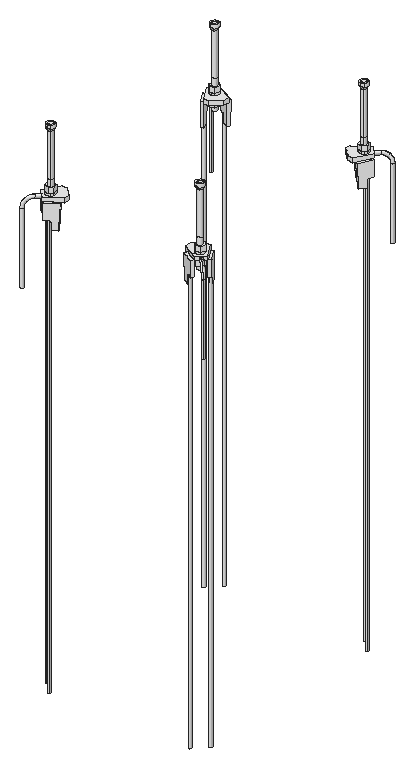
Revit family "26c217acbae845a9b64d7f985ed27546", category Structural Connections, host Face, Revit 2021
Family settings
  Host = Face
  Material for Model Behavior = Other
  Enable cutting in views = No
  Cut with Voids When Loaded = Yes
  Shared = No
Parameters (values of type "HCC 16-640H")
  l = 0' - 11.81102"
  h [instance] = 2' - 3.55906"
  f = 0' - 4.13386"
  b [instance] = 1' - 7.68504"
  a = 0' - 1.9685"
  X = 0' - 1.1811"
  Type Comments = "Mountingpart"
  T = 0' - 0.59055"
  Phi = 0' - 1.06299"
  L [instance] = 4' - 11.05512"
  K = 0' - 4.40945"
  E = 0' - 1.9685"
  Default Elevation = 0' - 0"
  D = 0' - 5.35433"
  Column Shoe Type = Column Shoe and Anchor Bolt : HCC 16-640H
  Column Shoe Material [instance] = Metal - Steel - S235
  C = 0' - 3.46457"
Types (10): name | l | h | f | b | T | Phi | K | E | D | Column Shoe Type | C
  HCC 16-640H | 0' - 11.81102" | 2' - 3.55906" | 0' - 4.13386" | 1' - 7.68504" | 0' - 0.59055" | 0' - 1.06299" | 0' - 4.40945" | 0' - 1.9685" | 0' - 5.35433" | Column Shoe and Anchor Bolt : HCC 16-640H | 0' - 3.46457"
  HCC 16-640S | 0' - 11.81102" | 2' - 7.49606" | 0' - 4.13386" | 1' - 3.74803" | 0' - 0.59055" | 0' - 1.06299" | 0' - 4.40945" | 0' - 1.9685" | 0' - 5.35433" | Column Shoe and Anchor Bolt : HCC 16-640S | 0' - 3.46457"
  HCC 20-830H | 1' - 5.71654" | 2' - 7.49606" | 0' - 4.52756" | 1' - 3.74803" | 0' - 0.7874" | 0' - 1.1811" | 0' - 4.6063" | 0' - 1.9685" | 0' - 5.55118" | Column Shoe and Anchor Bolt : HCC 20-830H | 0' - 3.74016"
  HCC 20-830S | 1' - 5.71654" | 2' - 7.49606" | 0' - 4.52756" | 1' - 3.74803" | 0' - 0.7874" | 0' - 1.1811" | 0' - 4.6063" | 0' - 1.9685" | 0' - 5.55118" | Column Shoe and Anchor Bolt : HCC 20-830S | 0' - 3.74016"
  HCC 24-905H | 1' - 9.65354" | 2' - 7.49606" | 0' - 5.11811" | 1' - 3.74803" | 0' - 0.98425" | 0' - 1.37795" | 0' - 4.84252" | 0' - 1.9685" | 0' - 5.90551" | Column Shoe and Anchor Bolt : HCC 24-905H | 0' - 4.17323"
  HCC 24-905S | 1' - 9.65354" | 2' - 7.49606" | 0' - 5.11811" | 1' - 3.74803" | 0' - 0.98425" | 0' - 1.37795" | 0' - 4.84252" | 0' - 0.7874" | 0' - 5.90551" | Column Shoe and Anchor Bolt : HCC 24-905S | 0' - 4.17323"
  HCC 30-1100H | 2' - 7.49606" | 4' - 11.05512" | 0' - 5.90551" | 2' - 7.49606" | 0' - 1.37795" | 0' - 1.5748" | 0' - 5.90551" | 0' - 1.9685" | 0' - 11.33858" | Column Shoe and Anchor Bolt : HCC 30-1100H | 0' - 4.68504"
  HCC 30-1100S | 2' - 7.49606" | 4' - 11.05512" | 0' - 5.90551" | 3' - 3.37008" | 0' - 1.37795" | 0' - 1.5748" | 0' - 5.90551" | 0' - 1.9685" | 0' - 11.33858" | Column Shoe and Anchor Bolt : HCC 30-1100S | 0' - 4.68504"
  HCC M30-1200H | 3' - 5.33858" | 2' - 7.49606" | 0' - 6.49606" | 1' - 3.74803" | 0' - 1.77165" | 0' - 1.77165" | 0' - 6.81102" | 0' - 1.9685" | 0' - 8.66142" | Column Shoe and Anchor Bolt : HCC M30-1200H | 0' - 5.27559"
  HCC M30-1200S | 3' - 5.33858" | 4' - 11.05512" | 0' - 6.49606" | 3' - 3.37008" | 0' - 1.77165" | 0' - 1.77165" | 0' - 6.81102" | 0' - 1.9685" | 0' - 8.66142" | Column Shoe and Anchor Bolt : HCC M30-1200S | 0' - 5.27559"
Reference planes (in)
  plane 1 "Center (Front/Back)": y = 0
  plane 2: z = 0
  plane 3 "Center (Left/Right)": x = 0
  plane 4: y = 13.77953
  plane 5: y = -13.77953
  plane 6: x = -9.84252
  plane 7: x = 9.84252
  plane 8: y = 12.59843
  plane 9: y = -12.59843
  plane 10: x = -8.66142
  plane 11: x = 8.66142
  plane 12: y = 5.90551
  plane 13: y = -5.90551
Lines and regions (in)
  reference lines
    curve 1: line (-9.84252, -5.90551, 0) -> (9.84252, 13.77953, 0)
    curve 2: line (9.84252, 5.90551, 0) -> (-9.84252, -13.77953, 0)
    curve 3: line (9.84252, -13.77953, 0) -> (-9.84252, 5.90551, 0)
    curve 4: line (-9.84252, 13.77953, 0) -> (9.84252, -5.90551, 0)
    curve 5: line (-9.84252, 12.59843, 0) -> (-8.66142, 13.77953, 0)
    curve 6: line (8.66142, 13.77953, 0) -> (9.84252, 12.59843, 0)
    curve 7: line (-9.84252, -12.59843, 0) -> (-8.66142, -13.77953, 0)
    curve 8: line (8.66142, -13.77953, 0) -> (9.84252, -12.59843, 0)
Dimensions and locks (in)
  equal spacing: plane 4, plane 1 "Center (Front/Back)", plane 5
  equal spacing: plane 6, plane 3 "Center (Left/Right)", plane 7
  "b": plane 6 to plane 7
  "h": plane 4 to plane 5
  "b": plane 12 to plane 5
  "b": plane 4 to plane 13
  "X": plane 4 to plane 8
  "X": plane 5 to plane 9
  "X": plane 6 to plane 10
  "X": plane 11 to plane 7
  aligned and locked: plane 2 to host face
  aligned and locked: level to host face
  aligned and locked: plane 4 to curve 4
  aligned and locked: plane 6 to curve 4
  aligned and locked: plane 12 to curve 3
  aligned and locked: plane 6 to curve 3
  aligned and locked: plane 13 to curve 1
  aligned and locked: plane 6 to curve 1
  aligned and locked: plane 5 to curve 2
  aligned and locked: plane 6 to curve 2
  aligned and locked: plane 4 to curve 1
  aligned and locked: plane 7 to curve 1
  aligned and locked: plane 12 to curve 2
  aligned and locked: plane 7 to curve 2
  aligned and locked: plane 13 to curve 4
  aligned and locked: plane 7 to curve 4
  aligned and locked: plane 5 to curve 3
  aligned and locked: plane 7 to curve 3
  aligned and locked: plane 8 to curve 5
  aligned and locked: plane 6 to curve 5
  aligned and locked: plane 10 to curve 5
  aligned and locked: plane 4 to curve 5
  aligned and locked: plane 4 to curve 6
  aligned and locked: plane 11 to curve 6
  aligned and locked: plane 8 to curve 6
  aligned and locked: plane 7 to curve 6
  aligned and locked: plane 9 to curve 7
  aligned and locked: plane 6 to curve 7
  aligned and locked: plane 5 to curve 7
  aligned and locked: plane 10 to curve 7
  aligned and locked: plane 5 to curve 8
  aligned and locked: plane 11 to curve 8
  aligned and locked: plane 9 to curve 8
  aligned and locked: plane 7 to curve 8
  aligned and locked: nested 1 to curve 4
  aligned and locked: nested 1 to curve 5
  aligned and locked: curve 1 to nested 5
  aligned and locked: nested 5 to curve 6
  aligned and locked: curve 2 to nested 3
  aligned and locked: nested 3 to curve 7
  aligned and locked: nested 7 to curve 3
  aligned and locked: nested 7 to curve 8
Automatic sketch dimensions
  host sketch curve to host sketch curve = 8' - 0"  (x2)
Nested families (in)
  nested 1: "Column Shoe and Anchor Bolt" at (-12.89886, 16.83587, 0) x (0.7071, 0.7071, 0) z (0, 0, -1), type <- "Column Shoe Type", Column Shoe Material <- "Column Shoe Material", L <- "L", type "HCC 16-640H"
    with L 4' - 11.05512", Column Shoe Material Metal - Steel - S235
  nested 2: "HAB" at (-10.62992, 14.56693, -0.59055) x (0.7071, 0.7071, 0) z (0, 0, -1), type "HAB H16"
    with Anchor Bolt Material Metal - Steel - S235, l2 0' - 6.88976", l 0' - 11.02362", f1 0' - 1.5748", f 0' - 4.13386", r3 0' - 0.31496", r1 0' - 0.31496", d3 0' - 0.62992", d1 0' - 0.62992", Washers Radius 0' - 0.6378", T 0' - 0.59055", Phi 0' - 1.06299", Nut Width 0' - 1.10469", Cap Radius 0' - 0.56693"
  nested 3: "Column Shoe and Anchor Bolt" at (-12.89886, -16.83587, 0) x (-0.7071, 0.7071, 0) z (0, 0, -1), type <- "Column Shoe Type", Column Shoe Material <- "Column Shoe Material", L <- "L", type "HCC 16-640H"
    with L 4' - 11.05512", Column Shoe Material Metal - Steel - S235
  nested 4: "HAB" at (-10.62992, -14.56693, -0.59055) x (-0.7071, 0.7071, 0) z (0, 0, -1), type "HAB H16"
    with Anchor Bolt Material Metal - Steel - S235, l2 0' - 6.88976", l 0' - 11.02362", f1 0' - 1.5748", f 0' - 4.13386", r3 0' - 0.31496", r1 0' - 0.31496", d3 0' - 0.62992", d1 0' - 0.62992", Washers Radius 0' - 0.6378", T 0' - 0.59055", Phi 0' - 1.06299", Nut Width 0' - 1.10469", Cap Radius 0' - 0.56693"
  nested 5: "Column Shoe and Anchor Bolt" at (12.89886, 16.83587, 0) x (0.7071, -0.7071, 0) z (0, 0, -1), type <- "Column Shoe Type", Column Shoe Material <- "Column Shoe Material", L <- "L", type "HCC 16-640H"
    with L 4' - 11.05512", Column Shoe Material Metal - Steel - S235
  nested 6: "HAB" at (10.62992, 14.56693, -0.59055) x (0.7071, -0.7071, 0) z (0, 0, -1), type "HAB H16"
    with Anchor Bolt Material Metal - Steel - S235, l2 0' - 6.88976", l 0' - 11.02362", f1 0' - 1.5748", f 0' - 4.13386", r3 0' - 0.31496", r1 0' - 0.31496", d3 0' - 0.62992", d1 0' - 0.62992", Washers Radius 0' - 0.6378", T 0' - 0.59055", Phi 0' - 1.06299", Nut Width 0' - 1.10469", Cap Radius 0' - 0.56693"
  nested 7: "Column Shoe and Anchor Bolt" at (12.89886, -16.83587, 0) x (-0.7071, -0.7071, 0) z (0, 0, -1), type <- "Column Shoe Type", Column Shoe Material <- "Column Shoe Material", L <- "L", type "HCC 16-640H"
    with L 4' - 11.05512", Column Shoe Material Metal - Steel - S235
  nested 8: "HAB" at (10.62992, -14.56693, -0.59055) x (-0.7071, -0.7071, 0) z (0, 0, -1), type "HAB H16"
    with Anchor Bolt Material Metal - Steel - S235, l2 0' - 6.88976", l 0' - 11.02362", f1 0' - 1.5748", f 0' - 4.13386", r3 0' - 0.31496", r1 0' - 0.31496", d3 0' - 0.62992", d1 0' - 0.62992", Washers Radius 0' - 0.6378", T 0' - 0.59055", Phi 0' - 1.06299", Nut Width 0' - 1.10469", Cap Radius 0' - 0.56693"
Definition of nested family "Column Shoe and Anchor Bolt"
  Parameters
    Type Comments = "Mountingpart"
    Phi = 0' - 1.06299"
    Semi Phi = 0.5 * Phi  # 0' - 0.5315"
    y2 = C * sin(45.00°)  # 0' - 2.44982"
    y1 = (E - X) * sin(45.00°)  # 0' - 0.55678"
    x3 = E * (2 * sin(45.00°) - C / d)  # 0' - 1.46153"
    x2 = 2 * E * sin(45.00°)  # 0' - 2.78388"
    x1 = 2 * X * sin(45.00°)  # 0' - 1.67033"
    t1 = 0' - 0.3937"
    f = 0' - 4.13386"
    a = 0' - 1.9685"
    X = 0' - 1.1811"
    l = 0' - 11.81102"
    k1 = d * sin(45.00°) + 0.5 * X  # 0' - 4.23744"
    d = D - R1  # 0' - 5.15748"
    T = 0' - 0.59055"
    O3 = 0' - 0.59055"
    O4 = 0' - 0.7874"
    O2 = 0' - 0.19685"
    O1 = 0' - 0.3937"
    L [instance] = 4' - 11.05512"
    Real K = R1 + k1  # 0' - 4.43429"
    e1 = (2 * E - X) * sin(45.00°)  # 0' - 1.94872"
    K = 0' - 4.40945"
    E = 0' - 1.9685"
    Default Elevation = 0' - 0"
    Semi dbr = 7 * R2  # 0' - 1.37795"
    D = 0' - 5.35433"
    Column Shoe Material [instance] = none
    C = 0' - 3.46457"
    R2 = 0' - 0.19685"
    R1 = 0' - 0.19685"
    Bolt Type = HAB : HAB H16
    B2 = B - 0' 1.1811"  # 0' - 2.16535"
    B = 0' - 3.34646"
  Reference planes (in)
    plane 1 "Center (Front/Back)": y = 0
    plane 2: z = 0
    plane 3 "Center (Left/Right)": x = 0
    plane 4: z = 0.59055
    plane 5: z = 0.29528
    plane 6: z = 11.81102
    plane 7: z = 3.93701
    plane 8: z = 2.75591
    plane 9: y = 5.15748
    plane 10: x = -1.39194
    plane 11: x = 1.39194
    plane 12: y = 4.6007
    plane 13: y = 2.15088
    plane 14: x = -0.83517
    plane 15: x = 0.83517
    plane 16: x = -0.73077
    plane 17: x = 0.73077
    plane 18: y = 3.20876
    plane 19: y = 2.93829
    plane 20: z = 62.99213
  Forms (in)
    Extrusion 1, solid
      sketch origin (0, 0, 0) x (1, 0, 0) y (0, 1, 0)
        loop
          line (-48, 48) -> (-48, -48) -> (48, -48) -> (48, 48) -> (-48, 48)
      from 0 to -12
    Sweep 2, solid, material <- "Column Shoe Material"
      path in 3D
        loop
          line (0, 0, 11.81102) -> (0, 0, 1.67323)
          arc (0, 0, 1.67323) -> (0, 0.40359, 0.69887) -> (0, 1.37795, 0.29528) r 1.37795
          line (0, 1.37795, 0.29528) -> (0, 2.81506, 0.29528)
      profile origin (0, 0.40359, 0.69887) x (0, 0.707107, 0.707107) y (1, 0, 0)
        loop
          circle (0, 0) r 0.19685
    Extrusion 3, void
      sketch origin (-0.03635, 4.65317, 0) x (1, 0, 0) y (0, 1, 0)
        loop
          circle (0.03635, -1.44441) r 0.5315
      from 0 to 3.93701
    Blend 4, solid, material <- "Column Shoe Material"
      base sketch origin (-0.18342, 0.17505, 0) x (-1, 0, 0) y (0, -1, 0)
        loop
          line (-1.47277, -4.04555) -> (-0.96547, -2.16589) -> (-1.34557, -2.0633) -> (-1.85287, -3.94297) -> (-1.47277, -4.04555)
      top sketch origin (-0.18342, 0.17505, 0) x (-1, 0, 0) y (0, -1, 0)
        loop
          line (-1.42148, -3.8555) -> (-0.96547, -2.16589) -> (-1.34557, -2.0633) -> (-1.80158, -3.75292) -> (-1.42148, -3.8555)
      from 0.59055 to 3.93701
    Extrusion 5, solid, material <- "Column Shoe Material"
      sketch origin (1.96539, -0.28862, 0) x (1, 0, 0) y (0, 1, 0)
        loop
          circle (-3.11256, 3.22691) r 0.19685
        loop
          circle (-0.81822, 3.22691) r 0.19685
      from 2.75591 to 62.99213
    Extrusion 6, void
      sketch origin (0, -1.92772, 0) x (0, -1, 0) y (0, 0, 1)
        loop
          line (-4.07861, 3.93701) -> (-4.86601, 3.93701) -> (-4.86601, 2.75591) -> (-4.07861, 2.75591) -> (-4.07861, 3.93701)
      from -1.39194 to 1.39194
    Extrusion 7, solid, material <- "Column Shoe Material"
      sketch origin (0, 0, 0) x (1, 0, 0) y (0, 1, 0)
        loop
          line (0.83517, 5.15748) -> (-0.83517, 5.15748) -> (-1.39194, 4.6007) -> (-0.73077, 2.15088) -> (0.73077, 2.15088) -> (1.39194, 4.6007) -> (0.83517, 5.15748)
        loop
          circle (0, 3.20876) r 0.5315
      from 0 to 0.59055
    Blend 8, solid, material <- "Column Shoe Material"
      base sketch origin (0.18342, 0.17505, 0) x (1, 0, 0) y (0, 1, 0)
        loop
          line (-1.47277, 4.04555) -> (-1.85287, 3.94297) -> (-1.34557, 2.0633) -> (-0.96547, 2.16589) -> (-1.47277, 4.04555)
      top sketch origin (0.18342, 0.17505, 0) x (1, 0, 0) y (0, 1, 0)
        loop
          line (-1.42148, 3.8555) -> (-1.80158, 3.75292) -> (-1.34557, 2.0633) -> (-0.96547, 2.16589) -> (-1.42148, 3.8555)
      from 0.59055 to 3.93701
  Cuts and joins
    Extrusion 3, Extrusion 6 cuts Sweep 2
    joined: Sweep 2, Extrusion 7
    Extrusion 6 cuts Blend 4
    Extrusion 6 cuts Blend 8
  Lines and regions (in)
    reference lines
      curve 1: line (0, 3.24836, 0.29528) -> (0, 1.37795, 0.29528)
      curve 2: line (0, 0, 1.67323) -> (0, 0, 11.81102)
      curve 3: arc (0, 0, 1.67323) -> (0, 0.40359, 0.69887) -> (0, 1.37795, 0.29528) r 1.37795
      curve 7: line (0.73077, 2.15088, 0) -> (1.39194, 4.6007, 0)
      curve 8: line (-0.73077, 2.15088, 0) -> (-1.39194, 4.6007, 0)
    sketch lines
      curve 4: arc (0, 0, 1.67323) -> (0, 0.40359, 0.69887) -> (0, 1.37795, 0.29528) r 1.37795
      curve 5: line (0, 2.81506, 0.29528) -> (0, 1.37795, 0.29528)
      curve 6: line (0, 0, 1.67323) -> (0, 0, 11.81102)
  Dimensions and locks (in)
    "T": plane 4 to level
    "l": plane 6 to plane 2
    equal spacing: plane 4, plane 5, plane 2
    "B": plane 7 to plane 4
    "B2": plane 4 to plane 8
    equal spacing: plane 16, plane 3 "Center (Left/Right)", plane 17
    equal spacing: plane 14, plane 3 "Center (Left/Right)", plane 15
    equal spacing: plane 10, plane 3 "Center (Left/Right)", plane 11
    "x2": plane 10 to plane 11
    "x1": plane 14 to plane 15
    "x3": plane 16 to plane 17
    "y1": plane 9 to plane 12
    "y2": plane 12 to plane 13
    "d": plane 9 to plane 1 "Center (Front/Back)"
    "e1": plane 9 to plane 18
    "t1": Blend 4 sketch curve to Blend 4 sketch curve  (x2)
    "O2": Extrusion 7 to Blend 4 sketch curve
    "O1": Blend 4 sketch curve to curve 7
    "O2": curve 7 to Blend 4 sketch curve
    "O4": plane 13 to plane 19
    equal spacing: cut or joined group of Blend 4, Extrusion 6, Extrusion 5 sketch curve, Extrusion 7
    "O3": Blend 4 sketch curve to curve 7
    "t1": Blend 8 sketch curve to Blend 8 sketch curve  (x2)
    "O1": curve 8 to Blend 8 sketch curve
    "O2": Blend 8 sketch curve to curve 8  (x2)
    "O3": curve 8 to Blend 8 sketch curve
    equal spacing: Blend 8, Extrusion 5 sketch curve, Blend 8
    "L": plane 20 to plane 7
    "Semi dbr": radius of curve 3
    "R1": radius of Sweep 2 sketch curve
    "R2": radius of Extrusion 5 sketch curve  (x2)
    "Semi Phi": radius of Extrusion 7 sketch curve
    locked: Extrusion 7 to Blend 4 sketch curve (angle 90.00°)
    aligned and locked: plane 2 to Extrusion 1
    aligned and locked: level to Extrusion 1
    aligned and locked: curve 1 to plane 5
    aligned and locked: plane 1 "Center (Front/Back)" to curve 2
    aligned and locked: plane 6 to curve 2
    aligned and locked: Extrusion 3 to Extrusion 1
    aligned and locked: Blend 4 to plane 4
    aligned and locked: plane 8 to Extrusion 5
    aligned and locked: Extrusion 6 sketch curve to Blend 4
    aligned and locked: Extrusion 3 sketch curve to Extrusion 7
    aligned and locked: plane 4 to Extrusion 7
    aligned and locked: Extrusion 7 sketch curve to plane 9
    aligned and locked: plane 3 "Center (Left/Right)" to Extrusion 7 sketch curve
    aligned and locked: plane 12 to Extrusion 7 sketch curve  (x2)
    aligned and locked: plane 18 to Extrusion 7 sketch curve
    aligned and locked: plane 15 to Extrusion 7 sketch curve
    aligned and locked: plane 9 to Extrusion 7 sketch curve
    aligned and locked: plane 13 to Extrusion 7 sketch curve
    aligned and locked: plane 17 to Extrusion 7 sketch curve
    aligned and locked: plane 14 to Extrusion 7 sketch curve
    aligned and locked: plane 10 to Extrusion 7 sketch curve
    aligned and locked: plane 16 to Extrusion 7 sketch curve
    aligned and locked: plane 12 to curve 7
    aligned and locked: plane 11 to curve 7
    aligned and locked: plane 17 to curve 7
    aligned and locked: plane 13 to curve 7
    aligned and locked: plane 12 to curve 8
    aligned and locked: plane 10 to curve 8
    aligned and locked: plane 16 to curve 8
    aligned and locked: plane 13 to curve 8
    aligned and locked: Blend 4 sketch curve to curve 7
    aligned and locked: var sketch to Blend 4 sketch curve
    aligned and locked: plane 19 to Extrusion 5 sketch curve  (x2)
    aligned and locked: var sketch to Blend 8 sketch curve
    aligned and locked: Extrusion 7 to Blend 8 sketch curve
    aligned and locked: Extrusion 6 to plane 19
    aligned and locked: Extrusion 6 to Extrusion 7
    aligned and locked: plane 7 to Extrusion 3
    aligned and locked: plane 7 to Blend 4
    aligned and locked: plane 7 to Blend 8
    aligned and locked: Blend 8 to plane 4
    aligned and locked: plane 20 to Extrusion 5
    aligned and locked: Extrusion 6 to plane 11
    aligned and locked: Extrusion 6 to plane 10
    aligned and locked: plane 3 "Center (Left/Right)" to nested 1
    aligned and locked: nested 1 to plane 18
  Automatic sketch dimensions
    Extrusion 1 sketch curve to Extrusion 1 sketch curve = 8' - 0"  (x2)
    plane 18 to curve 1 = 0' - 0.03959"
    Sweep 2 sketch curve to profile plane = 0' - 0"  (x2)
    plane 8 to Extrusion 6 sketch curve = 0' - 0"
    Extrusion 6 sketch curve to plane 13 = 0' - 0.7874"
    Extrusion 6 sketch curve to plane 1 "Center (Front/Back)" = 0' - 2.15088"
    Extrusion 7 sketch curve to plane 11 = 0' - 0"
  Nested families (in)
    nested 1: "HAB" at (0, 3.20876, 0.59055), type <- "Bolt Type", type "HAB H16"
      with Anchor Bolt Material none, l2 0' - 6.88976", l 0' - 11.02362", f1 0' - 1.5748", f 0' - 4.13386", r3 0' - 0.31496", r1 0' - 0.31496", d3 0' - 0.62992", d1 0' - 0.62992", Washers Radius 0' - 0.6378", T 0' - 0.59055", Phi 0' - 1.06299", Nut Width 0' - 1.10469", Cap Radius 0' - 0.56693"
  Definition of nested family "HAB"
    Parameters
      l2 = 0' - 9.25197"
      l = 1' - 1.77953"
      f1 = f - a - T  # 0' - 1.77165"
      f = 0' - 4.52756"
      r3 = 0.5 * d3  # 0' - 0.3937"
      r1 = 0.5 * d1  # 0' - 0.3937"
      d3 = 0' - 0.7874"
      d1 = 0' - 0.7874"
      a = 0' - 1.9685"
      Washers Thickness = 0' - 0.19685"
      Washers Radius = 0.5 * Phi * 1.2  # 0' - 0.70866"
      Type Comments = "Mountingpart"
      T = 0' - 0.7874"
      Phi = 0' - 1.1811"
      Nut Width = 2 * Washers Radius * cos(30.00°)  # 0' - 1.22744"
      Nut Thickness = 0' - 0.7874"
      Cap = yes
      Anchor Bolt Material [instance] = none
      Default Elevation = 0' - 0"
      Cap Thickness = Nut Thickness  # 0' - 0.7874"
      Cap Radius = d1 * 0.9  # 0' - 0.70866"
    Reference planes (in)
      plane 1 "Center (Front/Back)": y = 0
      plane 2: z = 0
      plane 3 "Center (Left/Right)": x = 0
      plane 4: z = 0.19685
      plane 5: z = -0.7874
      plane 6: z = -0.98425
      plane 7: z = 0.98425
      plane 8: z = -1.77165
      plane 9: y = 0.35433
      plane 10: y = -0.35433
      plane 11: y = 0.70866
      plane 12: y = -0.70866
      plane 13: z = 1.77165
      plane 14: z = -12.00787
      plane 15: z = -11.22047
      plane 16: z = -2.75591
      plane 17: z = -11.61417
      plane 18: x = -0.61372
      plane 19: x = 0.61372
    Forms (in)
      Extrusion 1, solid
        sketch origin (0, 0, 0) x (1, 0, 0) y (0, 1, 0)
          loop
            line (-48, 48) -> (-48, -48) -> (48, -48) -> (48, 48) -> (-48, 48)
        from 0 to -6.78513
      Extrusion 2, solid, material <- "Anchor Bolt Material"
        sketch origin (0, 0, 0) x (1, 0, 0) y (0, 1, 0)
          loop
            circle (0, 0) r 0.3937
        from -2.75591 to 1.77165
      Extrusion 3, solid, material <- "Anchor Bolt Material"
        sketch origin (0, 0, 0) x (1, 0, 0) y (0, 1, 0)
          loop
            circle (0, 0) r 0.70866
        from 0 to 0.19685
      Extrusion 4, solid, material <- "Anchor Bolt Material"
        sketch origin (0, 0, -14.37008) x (1, 0, 0) y (0, 1, 0)
          loop
            circle (0, 0) r 0.70866
        from 13.38583 to 13.58268
      Extrusion 5, solid, material <- "Anchor Bolt Material"
        sketch origin (0, 0, 0) x (1, 0, 0) y (0, 1, 0)
          loop
            line (0, 0.70866) -> (-0.61372, 0.35433) -> (-0.61372, -0.35433) -> (0, -0.70866) -> (0.61372, -0.35433) -> (0.61372, 0.35433) -> (0, 0.70866)
        from 0.19685 to 0.98425
      Extrusion 6, solid, material <- "Anchor Bolt Material"
        sketch origin (0, 0, -15.74803) x (1, 0, 0) y (0, 1, 0)
          loop
            line (-0.61372, 0.35433) -> (-0.61372, -0.35433) -> (0, -0.70866) -> (0.61372, -0.35433) -> (0.61372, 0.35433) -> (0, 0.70866) -> (-0.61372, 0.35433)
        from 13.97638 to 14.76378
      Extrusion 7, solid, material <- "Anchor Bolt Material"
        sketch origin (0, 0, -2.96548) x (1, 0, 0) y (0, 1, 0)
          loop
            circle (0, 0) r 0.3937
        from -9.04239 to 0.20957
      Blend 8, solid, material <- "Anchor Bolt Material", visible <- "Cap"
        base sketch origin (-1.67336, -180, -11.22047) x (-1, 0, 0) y (0, -1, 0)
          loop
            circle (-1.67336, -180) r 0.3937
        top sketch origin (-1.67336, -180, -11.22047) x (-1, 0, 0) y (0, -1, 0)
          loop
            circle (-1.67336, -180) r 0.70866
        from 0 to -0.3937
      Extrusion 9, solid, material <- "Anchor Bolt Material", visible <- "Cap"
        sketch origin (-1.41732, -180, -12.00787) x (-1, 0, 0) y (0, -1, 0)
          loop
            circle (-1.41732, -180) r 0.70866
        from 0 to 0.3937
    Cuts and joins
      joined: Extrusion 2, Extrusion 3, Extrusion 4, Extrusion 5, Extrusion 6, Extrusion 7
      joined: Blend 8, Extrusion 9
    Dimensions and locks (in)
      "T": plane 2 to plane 5
      "Washers Thickness": plane 5 to plane 6
      "Washers Thickness": plane 4 to level
      "Nut Thickness": plane 7 to plane 4
      "Nut Thickness": plane 6 to plane 8
      "Washers Radius": plane 1 "Center (Front/Back)" to plane 11
      "Washers Radius": plane 12 to plane 1 "Center (Front/Back)"
      equal spacing: plane 9, plane 1 "Center (Front/Back)", plane 10
      "Washers Radius": plane 9 to plane 10
      "l": plane 13 to plane 14
      "Cap Thickness": plane 15 to plane 14
      "l2": plane 16 to plane 14
      "f1": plane 13 to plane 2
      equal spacing: plane 15, plane 17, plane 14
      equal spacing: plane 18, plane 3 "Center (Left/Right)", plane 19
      "Nut Width": plane 18 to plane 19
      "r3": radius of Extrusion 2 sketch curve
      "Washers Radius": radius of Extrusion 3 sketch curve
      "Washers Radius": radius of Extrusion 4 sketch curve
      "r1": radius of Extrusion 7 sketch curve
      "r1": radius of Blend 8 sketch curve
      "Cap Radius": radius of Blend 8 sketch curve
      "Cap Radius": radius of Extrusion 9 sketch curve
      aligned and locked: plane 2 to Extrusion 1
      aligned and locked: level to Extrusion 1
      aligned and locked: plane 1 "Center (Front/Back)" to Extrusion 2 sketch curve
      aligned and locked: plane 3 "Center (Left/Right)" to Extrusion 2 sketch curve
      aligned and locked: plane 1 "Center (Front/Back)" to Extrusion 3 sketch curve
      aligned and locked: plane 3 "Center (Left/Right)" to Extrusion 3 sketch curve
      aligned and locked: plane 4 to Extrusion 3
      aligned and locked: Extrusion 3 to level
      aligned and locked: plane 5 to Extrusion 4
      aligned and locked: Extrusion 4 to plane 6
      aligned and locked: plane 1 "Center (Front/Back)" to Extrusion 4 sketch curve
      aligned and locked: plane 3 "Center (Left/Right)" to Extrusion 4 sketch curve
      aligned and locked: plane 7 to Extrusion 5
      aligned and locked: Extrusion 5 to plane 4
      aligned and locked: plane 11 to Extrusion 5 sketch curve
      aligned and locked: plane 3 "Center (Left/Right)" to Extrusion 5 sketch curve  (x2)
      aligned and locked: plane 12 to Extrusion 5 sketch curve
      aligned and locked: plane 10 to Extrusion 5 sketch curve  (x2)
      aligned and locked: plane 6 to Extrusion 6
      aligned and locked: Extrusion 6 to plane 8
      aligned and locked: plane 13 to Extrusion 2
      aligned: Extrusion 2 to plane 14
      aligned and locked: plane 10 to Extrusion 6 sketch curve  (x2)
      aligned and locked: Extrusion 2 to plane 16
      aligned: Extrusion 7 to plane 15
      aligned and locked: plane 1 "Center (Front/Back)" to Blend 8 sketch curve  (x2)
      aligned and locked: plane 3 "Center (Left/Right)" to Blend 8 sketch curve  (x2)
      aligned and locked: Blend 8 to plane 17
      aligned and locked: plane 15 to Blend 8
      aligned and locked: plane 1 "Center (Front/Back)" to Extrusion 9 sketch curve
      aligned and locked: plane 3 "Center (Left/Right)" to Extrusion 9 sketch curve
      aligned and locked: plane 17 to Extrusion 9
      aligned and locked: plane 18 to Extrusion 5 sketch curve
      aligned and locked: Extrusion 5 sketch curve to plane 19
      aligned and locked: plane 9 to Extrusion 5 sketch curve  (x2)
      aligned and locked: plane 19 to Extrusion 6 sketch curve
      aligned and locked: plane 18 to Extrusion 6 sketch curve
      aligned and locked: plane 9 to Extrusion 6 sketch curve  (x2)
      aligned and locked: plane 11 to Extrusion 6 sketch curve
      aligned and locked: plane 3 "Center (Left/Right)" to Extrusion 6 sketch curve  (x2)
      aligned and locked: plane 12 to Extrusion 6 sketch curve
      aligned and locked: Extrusion 7 to plane 14
      aligned and locked: plane 16 to Extrusion 7
    Automatic sketch dimensions
      Extrusion 1 sketch curve to Extrusion 1 sketch curve = 8' - 0"  (x2)
      plane 1 "Center (Front/Back)" to Extrusion 7 sketch curve = 0' - 0"
      Extrusion 7 sketch curve to plane 3 "Center (Left/Right)" = 0' - 0"
Definition of nested family "HAB"
  Parameters
    l2 = 0' - 9.25197"
    l = 1' - 1.77953"
    f1 = f - a - T  # 0' - 1.77165"
    f = 0' - 4.52756"
    r3 = 0.5 * d3  # 0' - 0.3937"
    r1 = 0.5 * d1  # 0' - 0.3937"
    d3 = 0' - 0.7874"
    d1 = 0' - 0.7874"
    a = 0' - 1.9685"
    Washers Thickness = 0' - 0.19685"
    Washers Radius = 0.5 * Phi * 1.2  # 0' - 0.70866"
    Type Comments = "Mountingpart"
    T = 0' - 0.7874"
    Phi = 0' - 1.1811"
    Nut Width = 2 * Washers Radius * cos(30.00°)  # 0' - 1.22744"
    Nut Thickness = 0' - 0.7874"
    Cap = yes
    Anchor Bolt Material [instance] = none
    Default Elevation = 0' - 0"
    Cap Thickness = Nut Thickness  # 0' - 0.7874"
    Cap Radius = d1 * 0.9  # 0' - 0.70866"
  Reference planes (in)
    plane 1 "Center (Front/Back)": y = 0
    plane 2: z = 0
    plane 3 "Center (Left/Right)": x = 0
    plane 4: z = 0.19685
    plane 5: z = -0.7874
    plane 6: z = -0.98425
    plane 7: z = 0.98425
    plane 8: z = -1.77165
    plane 9: y = 0.35433
    plane 10: y = -0.35433
    plane 11: y = 0.70866
    plane 12: y = -0.70866
    plane 13: z = 1.77165
    plane 14: z = -12.00787
    plane 15: z = -11.22047
    plane 16: z = -2.75591
    plane 17: z = -11.61417
    plane 18: x = -0.61372
    plane 19: x = 0.61372
  Forms (in)
    Extrusion 1, solid
      sketch origin (0, 0, 0) x (1, 0, 0) y (0, 1, 0)
        loop
          line (-48, 48) -> (-48, -48) -> (48, -48) -> (48, 48) -> (-48, 48)
      from 0 to -6.78513
    Extrusion 2, solid, material <- "Anchor Bolt Material"
      sketch origin (0, 0, 0) x (1, 0, 0) y (0, 1, 0)
        loop
          circle (0, 0) r 0.3937
      from -2.75591 to 1.77165
    Extrusion 3, solid, material <- "Anchor Bolt Material"
      sketch origin (0, 0, 0) x (1, 0, 0) y (0, 1, 0)
        loop
          circle (0, 0) r 0.70866
      from 0 to 0.19685
    Extrusion 4, solid, material <- "Anchor Bolt Material"
      sketch origin (0, 0, -14.37008) x (1, 0, 0) y (0, 1, 0)
        loop
          circle (0, 0) r 0.70866
      from 13.38583 to 13.58268
    Extrusion 5, solid, material <- "Anchor Bolt Material"
      sketch origin (0, 0, 0) x (1, 0, 0) y (0, 1, 0)
        loop
          line (0, 0.70866) -> (-0.61372, 0.35433) -> (-0.61372, -0.35433) -> (0, -0.70866) -> (0.61372, -0.35433) -> (0.61372, 0.35433) -> (0, 0.70866)
      from 0.19685 to 0.98425
    Extrusion 6, solid, material <- "Anchor Bolt Material"
      sketch origin (0, 0, -15.74803) x (1, 0, 0) y (0, 1, 0)
        loop
          line (-0.61372, 0.35433) -> (-0.61372, -0.35433) -> (0, -0.70866) -> (0.61372, -0.35433) -> (0.61372, 0.35433) -> (0, 0.70866) -> (-0.61372, 0.35433)
      from 13.97638 to 14.76378
    Extrusion 7, solid, material <- "Anchor Bolt Material"
      sketch origin (0, 0, -2.96548) x (1, 0, 0) y (0, 1, 0)
        loop
          circle (0, 0) r 0.3937
      from -9.04239 to 0.20957
    Blend 8, solid, material <- "Anchor Bolt Material", visible <- "Cap"
      base sketch origin (-1.67336, -180, -11.22047) x (-1, 0, 0) y (0, -1, 0)
        loop
          circle (-1.67336, -180) r 0.3937
      top sketch origin (-1.67336, -180, -11.22047) x (-1, 0, 0) y (0, -1, 0)
        loop
          circle (-1.67336, -180) r 0.70866
      from 0 to -0.3937
    Extrusion 9, solid, material <- "Anchor Bolt Material", visible <- "Cap"
      sketch origin (-1.41732, -180, -12.00787) x (-1, 0, 0) y (0, -1, 0)
        loop
          circle (-1.41732, -180) r 0.70866
      from 0 to 0.3937
  Cuts and joins
    joined: Extrusion 2, Extrusion 3, Extrusion 4, Extrusion 5, Extrusion 6, Extrusion 7
    joined: Blend 8, Extrusion 9
  Dimensions and locks (in)
    "T": plane 2 to plane 5
    "Washers Thickness": plane 5 to plane 6
    "Washers Thickness": plane 4 to level
    "Nut Thickness": plane 7 to plane 4
    "Nut Thickness": plane 6 to plane 8
    "Washers Radius": plane 1 "Center (Front/Back)" to plane 11
    "Washers Radius": plane 12 to plane 1 "Center (Front/Back)"
    equal spacing: plane 9, plane 1 "Center (Front/Back)", plane 10
    "Washers Radius": plane 9 to plane 10
    "l": plane 13 to plane 14
    "Cap Thickness": plane 15 to plane 14
    "l2": plane 16 to plane 14
    "f1": plane 13 to plane 2
    equal spacing: plane 15, plane 17, plane 14
    equal spacing: plane 18, plane 3 "Center (Left/Right)", plane 19
    "Nut Width": plane 18 to plane 19
    "r3": radius of Extrusion 2 sketch curve
    "Washers Radius": radius of Extrusion 3 sketch curve
    "Washers Radius": radius of Extrusion 4 sketch curve
    "r1": radius of Extrusion 7 sketch curve
    "r1": radius of Blend 8 sketch curve
    "Cap Radius": radius of Blend 8 sketch curve
    "Cap Radius": radius of Extrusion 9 sketch curve
    aligned and locked: plane 2 to Extrusion 1
    aligned and locked: level to Extrusion 1
    aligned and locked: plane 1 "Center (Front/Back)" to Extrusion 2 sketch curve
    aligned and locked: plane 3 "Center (Left/Right)" to Extrusion 2 sketch curve
    aligned and locked: plane 1 "Center (Front/Back)" to Extrusion 3 sketch curve
    aligned and locked: plane 3 "Center (Left/Right)" to Extrusion 3 sketch curve
    aligned and locked: plane 4 to Extrusion 3
    aligned and locked: Extrusion 3 to level
    aligned and locked: plane 5 to Extrusion 4
    aligned and locked: Extrusion 4 to plane 6
    aligned and locked: plane 1 "Center (Front/Back)" to Extrusion 4 sketch curve
    aligned and locked: plane 3 "Center (Left/Right)" to Extrusion 4 sketch curve
    aligned and locked: plane 7 to Extrusion 5
    aligned and locked: Extrusion 5 to plane 4
    aligned and locked: plane 11 to Extrusion 5 sketch curve
    aligned and locked: plane 3 "Center (Left/Right)" to Extrusion 5 sketch curve  (x2)
    aligned and locked: plane 12 to Extrusion 5 sketch curve
    aligned and locked: plane 10 to Extrusion 5 sketch curve  (x2)
    aligned and locked: plane 6 to Extrusion 6
    aligned and locked: Extrusion 6 to plane 8
    aligned and locked: plane 13 to Extrusion 2
    aligned: Extrusion 2 to plane 14
    aligned and locked: plane 10 to Extrusion 6 sketch curve  (x2)
    aligned and locked: Extrusion 2 to plane 16
    aligned: Extrusion 7 to plane 15
    aligned and locked: plane 1 "Center (Front/Back)" to Blend 8 sketch curve  (x2)
    aligned and locked: plane 3 "Center (Left/Right)" to Blend 8 sketch curve  (x2)
    aligned and locked: Blend 8 to plane 17
    aligned and locked: plane 15 to Blend 8
    aligned and locked: plane 1 "Center (Front/Back)" to Extrusion 9 sketch curve
    aligned and locked: plane 3 "Center (Left/Right)" to Extrusion 9 sketch curve
    aligned and locked: plane 17 to Extrusion 9
    aligned and locked: plane 18 to Extrusion 5 sketch curve
    aligned and locked: Extrusion 5 sketch curve to plane 19
    aligned and locked: plane 9 to Extrusion 5 sketch curve  (x2)
    aligned and locked: plane 19 to Extrusion 6 sketch curve
    aligned and locked: plane 18 to Extrusion 6 sketch curve
    aligned and locked: plane 9 to Extrusion 6 sketch curve  (x2)
    aligned and locked: plane 11 to Extrusion 6 sketch curve
    aligned and locked: plane 3 "Center (Left/Right)" to Extrusion 6 sketch curve  (x2)
    aligned and locked: plane 12 to Extrusion 6 sketch curve
    aligned and locked: Extrusion 7 to plane 14
    aligned and locked: plane 16 to Extrusion 7
  Automatic sketch dimensions
    Extrusion 1 sketch curve to Extrusion 1 sketch curve = 8' - 0"  (x2)
    plane 1 "Center (Front/Back)" to Extrusion 7 sketch curve = 0' - 0"
    Extrusion 7 sketch curve to plane 3 "Center (Left/Right)" = 0' - 0"
